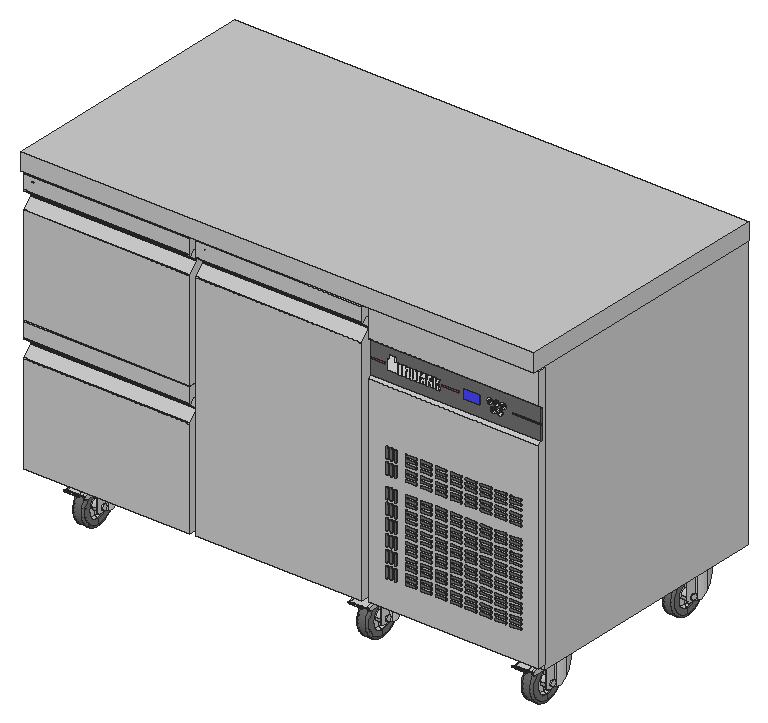
Revit family "QF_INOMAK_PNRP99_250612075801", category Specialty Equipment, Revit 2021
Family settings
  Round Connector Dimension = Use Diameter
  Part Type = Normal
  OmniClass Number = 23.40.40.14
  OmniClass Title = Food Service Equipment
  Work Plane-Based = No
  Always vertical = Yes
  Cut with Voids When Loaded = No
  Shared = No
  Room Calculation Point = No
Parameters (values of type "PNRP99")
  Weight [instance] = 108.00 kg
  Warranty Start Date [instance] = ""
  Warranty Duration [instance] = ""
  Volts [instance] = 230 V
  Volt Free Conn [instance] = no
  URL Recommended Spares List [instance] = ""
  URL Manufacturer [instance] = ""
  URL Cutsheet [instance] = ""
  URL Critical Spares List [instance] = ""
  URL = "www.inomak.com"
  Technical Documentation [instance] = ""
  Tag Number [instance] = ""
  Status [instance] = ""
  Start Up Current [instance] = 0 A
  Specification by User [instance] = ""
  Specification by Manufacturer [instance] = ""
  Sound Level [instance] = ""
  Show Logo [instance] = yes
  Show Clearances [instance] = yes
  Service Life Duration [instance] = ""
  Serial Number [instance] = ""
  Seismic Rating [instance] = ""
  SMACNA No [instance] = ""
  Revision Code [instance] = ""
  Revision [instance] = ""
  Production Year [instance] = ""
  Potential Equalisation [instance] = no
  Point Load [instance] = 0
  Phase [instance] = 1
  Other Equipment Approvals [instance] = ""
  Operational Current [instance] = 0 A
  Number of Poles [instance] = 2
  No Load Power Draw [instance] = no
  NAFEM Spec ID Number [instance] = ""
  Model Warning [instance] = ""
  Model = "PNRP99"
  Min Ckt Ampacity [instance] = 0 A
  Max Overcurrent Protection [instance] = 10 A
  Masterspec [instance] = ""
  Manufacturer = "INOMAK"
  Main switch integrated [instance] = no
  Length Actual [instance] = 1342 mm
  Item Number [instance] = ""
  Installed By [instance] = ""
  Installation Date [instance] = ""
  Identify Quantity as Lot [instance] = no
  ID [instance] = ""
  Hygiene Approval [instance] = ""
  Height Actual [instance] = 900 mm
  HP power [instance] = ""
  Furnished By [instance] = ""
  Foodservice Equipment Identifier [instance] = no
  FL Amps [instance] = 1.49 A
  Electrical Remarks [instance] = ""
  Electric power [instance] = 340 W
  Electric Connection Type [instance] = ""
  Elec Conn RI Height [instance] = 0 mm
  Elec Conn Connection Height [instance] = 0 mm
  ETL Approved [instance] = no
  Description = "PINE REFRIGERATED COUNTER WITH 2 GN 1/1 DOORS"
  Depth Actual [instance] = 700 mm
  Default Elevation = 0 mm
  Cycle [instance] = 50 Hz
  Cost = 0
  Connection to energy optimisation system [instance] = yes
  Conn Plug [instance] = ""
  Conn Conduit [instance] = no
  Centralized building control system with digital interface [instance] = ""
  CSI MasterFormat [instance] = ""
  CE Approved [instance] = no
  Barcode [instance] = 0
  Author [instance] = ""
  Asset Identifier [instance] = ""
  Apparent Power [instance] = 340 VA
  Accessory [instance] = no
Reference planes
  plane 1 "Center (Front/Back)": y = 0
  plane 2: z = 0
  plane 3 "Center (Left/Right)": x = 0
Forms (mm)
  Extrusion 1, solid, not visible
    sketch origin (940.046, -100.005, 132.006) x (1, 0, 0) y (0, 1, 0)
      loop
        line (-2, 2) -> (-2, -2) -> (2, -2) -> (2, 2) -> (-2, 2)
    from -2 to 2
Dimensions and locks
  locked: nested 2 to Extrusion 1 at 2  (x2)
  aligned and locked: level to plane 2
Nested families
  nested 1: "QF_INOMAK_REF_COUNTERS_1345_2920" at (0, 0, 130), type "PNRP99"
    with Weight 108.00 kg, Warranty Start Date "", Warranty Duration "", URL Cutsheet "", Technical Documentation "", Tag Number "", Status "", Specification by User "", Specification by Manufacturer "", Sound Level "", Solid Fuel Type "", Show Clearances yes, Show Clearance yes, Service Life Duration "", Serial Number "", Seismic Rating "", SMACNA No "", Revision Code "", Revision "", Production Year "", Point Load 0, Other Equipment Approvals "", NAFEM Spec ID Number "", Model Warning "", Masterspec "", Length Actual 1342 mm, Item Number "", Installed By "", Installation Date "", Identify Quantity as Lot yes, ID "", Hygiene Approval "", Height Actual 900 mm, Furnished By "", Foodservice Equipment Identifier yes, Finish none, ETL Approved yes, Depth Actual 700 mm, CSI MasterFormat "", CE Approved yes, Barcode "", Author "", Asset Identifier "", Accessory no
  nested 2: "CONN_POINT_ELE_2D___Generic_Annotation" at (940.046, -100.005, 130.006), type "CONN_POINT_ELE_2D___Generic_Annotation"
    with Onboard connection annotation symbol visibility yes
  nested 3: "QF_INOMAK_REF_COUNTERS_DOORS_DRAWERS_6956" at (0, -700, 130), type "DW-2-710"
    with Weight 0.00 kg, Warranty Start Date "", Warranty Duration "", URL Cutsheet "", Top inset 10 mm, Technical Documentation "", Tag Number "", Status "", Specification by User "", Specification by Manufacturer "", Sound Level "", Solid Fuel Type "", Show Logo yes, Show Clearances yes, Service Life Duration "", Serial Number "", Seismic Rating "", SMACNA No "", Right panel thickness 0 mm, Revision Code "", Revision "", Rear inset 0 mm, Production Year "", Point Load 0, Plinth height 0 mm, Other Equipment Approvals "", NAFEM Spec ID Number "", Model Warning "", Masterspec "", Length Actual 435 mm, Left panel thickness 0 mm, Item Number "", Installed By "", Installation Date "", Identify Quantity as Lot yes, ID "", Hygiene Approval "", Height Actual 710 mm, Furnished By "", Front inset 10 mm, Foodservice Equipment Identifier yes, Finish none, ETL Approved yes, Doors drawers type 4, Depth Actual 80 mm, CSI MasterFormat "", CE Approved yes, Bottom inset 10 mm, Barcode "", Author "", Asset Identifier "", Accessory yes
  nested 4: "QF_INOMAK_REF_COUNTERS_DOORS_DRAWERS_16448" at (450, -700, 130), type "DR-RX-710"
    with Weight 0.00 kg, Warranty Start Date "", Warranty Duration "", URL Cutsheet "", Top inset 10 mm, Technical Documentation "", Tag Number "", Status "", Specification by User "", Specification by Manufacturer "", Sound Level "", Solid Fuel Type "", Show Logo yes, Show Clearances yes, Service Life Duration "", Serial Number "", Seismic Rating "", SMACNA No "", Right panel thickness 0 mm, Revision Code "", Revision "", Rear inset 0 mm, Production Year "", Point Load 0, Plinth height 0 mm, Other Equipment Approvals "", NAFEM Spec ID Number "", Model Warning "", Masterspec "", Length Actual 435 mm, Left panel thickness 0 mm, Item Number "", Installed By "", Installation Date "", Identify Quantity as Lot yes, ID "", Hygiene Approval "", Height Actual 710 mm, Furnished By "", Front inset 10 mm, Foodservice Equipment Identifier yes, Finish none, ETL Approved yes, Doors drawers type 9, Depth Actual 80 mm, CSI MasterFormat "", CE Approved yes, Bottom inset 10 mm, Barcode "", Author "", Asset Identifier "", Accessory yes
  nested 5: "QF_INOMAK_REF_COUNTERS_WORKTOPS_25919" at (0, 0, 840), type "WTWT-1345-700"
    with Worktop without backsplash yes, Worktop with backsplash no, Worktop type 3, Worktop thickness 46 mm, Without worktop no, Weight 0.00 kg, Warranty Start Date "", Warranty Duration "", URL Cutsheet "", Technical Documentation "", Tag Number "", Status "", Specification by User "", Specification by Manufacturer "", Sound Level "", Solid Fuel Type "", Show Logo yes, Show Clearances yes, Service Life Duration "", Serial Number "", Seismic Rating "", SMACNA No "", Revision Code "", Revision "", Production Year "", Point Load 0, Other Equipment Approvals "", NAFEM Spec ID Number "", Model Warning "", Masterspec "", Length Actual 1342 mm, Item Number "", Installed By "", Installation Date "", Identify Quantity as Lot yes, ID "", Hygiene Approval "", Height Actual 46 mm, Height AFF 0 mm, Furnished By "", Foodservice Equipment Identifier yes, Finish none, ETL Approved yes, Depth Actual 700 mm, CSI MasterFormat "", CE Approved yes, Barcode "", Backsplash thickness 20 mm, Backsplash height 60 mm, Author "", Asset Identifier "", Accessory yes
  nested 6: "QF_INOMAK_REF_COUNTERS_CASTORS_27746" at (0, 0, 0), type "CT-1345-700"
    with Weight 0.00 kg, Warranty Start Date "", Warranty Duration "", URL Cutsheet "", Technical Documentation "", Tag Number "", Status "", Specification by User "", Specification by Manufacturer "", Sound Level "", Solid Fuel Type "", Show Logo yes, Show Clearances yes, Service Life Duration "", Serial Number "", Seismic Rating "", SMACNA No "", Revision Code "", Revision "", Production Year "", Point Load 0, Other Equipment Approvals "", NAFEM Spec ID Number "", Model Warning "", Masterspec "", Length Actual 1342 mm, Item Number "", Installed By "", Installation Date "", Identify Quantity as Lot yes, ID "", Hygiene Approval "", Height Actual 130 mm, Furnished By "", Foodservice Equipment Identifier yes, ETL Approved yes, Depth Actual 700 mm, CSI MasterFormat "", CE Approved yes, Barcode "", Author "", Asset Identifier "", Accessory yes
Connectors
  electrical at (940.046, -100.005, 130.006), driven by "Apparent Power", driven by "Number of Poles", driven by "Volts"
    settings: on Extrusion 1, index 1, voltage 230 V, apparent load 0 VA, apparent load phase1 340 VA, apparent load phase2 0 VA, apparent load phase3 0 VA, power factor 1, load classification "Other", number of poles 2, system type 31, power factor state 1, is connector primary yes, connector utility no, sub classification motor no, connector description "Electrical connection for PNRP99"
Definition of nested family "QF_INOMAK_REF_COUNTERS_1345_2920"
  Parameters (values of type "PNRP99")
    Weight [instance] = 0.00 kg
    Warranty Start Date [instance] = ""
    Warranty Duration [instance] = ""
    URL Cutsheet [instance] = ""
    URL = "www.inomak.com"
    Technical Documentation [instance] = ""
    Tag Number [instance] = ""
    Status [instance] = ""
    Specification by User [instance] = ""
    Specification by Manufacturer [instance] = ""
    Sound Level [instance] = ""
    Solid Fuel Type [instance] = ""
    Show Logo = yes
    Show Clearances [instance] = yes
    Show Clearance [instance] = yes
    Service Life Duration [instance] = ""
    Serial Number [instance] = ""
    Seismic Rating [instance] = ""
    SMACNA No [instance] = ""
    Revision Code [instance] = ""
    Revision [instance] = ""
    Production Year [instance] = ""
    Point Load [instance] = 0
    Other Equipment Approvals [instance] = ""
    NAFEM Spec ID Number [instance] = ""
    Model Warning [instance] = ""
    Model = "PNRP99"
    Masterspec [instance] = ""
    Manufacturer = "INOMAK"
    Length Actual [instance] = 0 mm
    Length = 1342 mm
    Item Number [instance] = ""
    Installed By [instance] = ""
    Installation Date [instance] = ""
    Identify Quantity as Lot [instance] = yes
    ID [instance] = ""
    Hygiene Approval [instance] = ""
    Height Actual [instance] = 0 mm
    Height = 710 mm
    Furnished By [instance] = ""
    Foodservice Equipment Identifier [instance] = yes
    Finish [instance] = none
    ETL Approved [instance] = yes
    Description = "PINE REFRIGERATED COUNTER WITH 2 GN 1/1 DOORS"
    Depth Actual [instance] = 0 mm
    Depth = 700 mm
    Default Elevation = 0 mm
    CSI MasterFormat [instance] = ""
    CE Approved [instance] = yes
    Barcode [instance] = ""
    Author [instance] = ""
    Asset Identifier [instance] = ""
    Assembly Code = "E1090320"
    Accessory [instance] = yes
  Types (2, lengths in mm): name | Model | Description | Depth
    PNRP99 | "PNRP99" | "PINE REFRIGERATED COUNTER WITH 2 GN 1/1 DOORS" | 700
    PMRP99 | "PMRP99" | "CLOVER CHILLER COUNTER WITH 2 DOORS, COMPACT DIMENSIONS" | 600
  Reference planes
    plane 1 "Back": y = 0
    plane 2: z = 0
    plane 3 "Left": x = 0
    plane 4 "Right": x = 1342
    plane 5 "Front": y = -700
    plane 6 "Top": z = 710
  Forms (mm)
    Extrusion 1, solid, material <- "Finish"
      sketch origin (0, 0, 0) x (1, 0, 0) y (0, 1, 0)
        loop
          line (0, -648) -> (30, -648) -> (30, -30) -> (867, -30) -> (867, -648) -> (897, -648) -> (897, -665) -> (1342, -665) -> (1342, 0) -> (0, 0) -> (0, -648)
      from 0 to 710
    Extrusion 2, solid, material <- "Finish"
      sketch origin (0, 0, 0) x (1, 0, 0) y (0, 1, 0)
        loop
          line (30, -30) -> (30, -648) -> (867, -648) -> (867, -30) -> (30, -30)
      from 0 to 45
    Extrusion 3, solid, material <- "Finish"
      sketch origin (0, 0, 710) x (0, 1, 0) y (-1, 0, 0)
        loop
          line (-30, -30) -> (-648, -30) -> (-648, -867) -> (-30, -867) -> (-30, -30)
      from 0 to -30
    Extrusion 4, solid, material <- "Finish"
      sketch origin (1342, 0, 0) x (0, -1, 0) y (0, 0, 1)
        loop
          line (683.05, 705) -> (665, 705) -> (665, 10) -> (683.05, 10) -> (683.05, 532.058) -> (676.05, 539.058) -> (676.05, 618.864) -> (683.05, 625.864) -> (683.05, 705)
      from 0 to 445
    Extrusion 5, solid
      sketch origin (0, -700, 0) x (-1, 0, 0) y (0, 0, 1)
        loop
          circle (-1208.654, 586.73) r 6.965
        loop
          circle (-1225.685, 586.73) r 6.965
        loop
          circle (-1242.694, 586.73) r 6.965
        loop
          circle (-1217.18, 568.729) r 6.965
        loop
          circle (-1234.189, 568.729) r 6.965
        loop
          circle (-1208.654, 586.73) r 3.965
        loop
          circle (-1225.685, 586.73) r 3.965
        loop
          circle (-1242.694, 586.73) r 3.965
        loop
          circle (-1217.18, 568.729) r 3.965
        loop
          circle (-1234.189, 568.729) r 3.965
      from 23 to 25.5
    Extrusion 6, solid
      sketch origin (0, -700, 0) x (-1, 0, 0) y (0, 0, 1)
        loop
          line (-1180.865, 590.461) -> (-1180.865, 567.461) -> (-1140.865, 567.461) -> (-1140.865, 590.461) -> (-1180.865, 590.461)
      from 23 to 25.5
    Extrusion 7, solid
      sketch origin (0, -700, 0) x (-1, 0, 0) y (0, 0, 1)
        loop
          line (-897, 618.864) -> (-1342, 618.864) -> (-1342, 539.058) -> (-897, 539.058) -> (-897, 618.864)
      from 23.5 to 25.5
    Extrusion 8, solid, visible <- "Show Logo"
      sketch origin (0, -700, 0) x (-1, 0, 0) y (0, 0, 1)
        loop
          line (-941.061, 591.01) -> (-947.061, 591.01) -> (-947.061, 602.118) -> (-961.298, 602.118) -> (-961.298, 591.01) -> (-967.298, 591.01) -> (-967.298, 564.76) -> (-941.061, 564.76) -> (-941.061, 591.01)
        loop
          line (-971.613, 590.698) -> (-978.903, 590.698) -> (-978.903, 564.76) -> (-971.613, 564.76) -> (-971.613, 590.698)
        loop
          line (-981.422, 564.76) -> (-981.422, 590.698) -> (-988.256, 590.698) -> (-991.449, 578.78) -> (-991.449, 590.698) -> (-997.982, 590.698) -> (-997.982, 564.76) -> (-991.449, 564.76) -> (-987.735, 578.623) -> (-987.735, 564.76) -> (-981.422, 564.76)
        loop
          line (-1018.664, 564.76) -> (-1018.664, 590.698) -> (-1027.626, 590.698) -> (-1029.988, 576.688) -> (-1032.35, 590.698) -> (-1041.312, 590.698) -> (-1041.312, 564.76) -> (-1034.687, 564.76) -> (-1034.687, 578.623) -> (-1032.35, 564.76) -> (-1027.626, 564.76) -> (-1025.289, 578.623) -> (-1025.289, 564.76) -> (-1018.664, 564.76)
        loop
          line (-1003.851, 590.698) -> (-1013.176, 590.698)
          arc (-1013.176, 590.698) -> (-1015.773, 589.622) -> (-1016.849, 587.026) r 3.672
          line (-1016.849, 587.026) -> (-1016.849, 568.433)
          arc (-1016.849, 568.433) -> (-1015.773, 565.836) -> (-1013.176, 564.76) r 3.672
          line (-1013.176, 564.76) -> (-1003.851, 564.76)
          arc (-1003.851, 564.76) -> (-1001.255, 565.836) -> (-1000.179, 568.433) r 3.672
          line (-1000.179, 568.433) -> (-1000.179, 587.026)
          arc (-1000.179, 587.026) -> (-1001.255, 589.622) -> (-1003.851, 590.698) r 3.672
        loop
          arc (-1007.487, 587.542) -> (-1008.514, 588.569) -> (-1009.541, 587.542) r 1.027
          line (-1009.541, 587.542) -> (-1009.541, 568.949)
          arc (-1009.541, 568.949) -> (-1008.514, 567.922) -> (-1007.487, 568.949) r 1.027
          line (-1007.487, 568.949) -> (-1007.487, 587.542)
        loop
          line (-1042.382, 564.76) -> (-1046.755, 590.698) -> (-1055.615, 590.698) -> (-1059.988, 564.76) -> (-1053.461, 564.76) -> (-1052.852, 569.723) -> (-1049.518, 569.723) -> (-1048.909, 564.76) -> (-1042.382, 564.76)
        loop
          line (-1050.074, 574.252) -> (-1051.185, 583.299) -> (-1052.296, 574.252) -> (-1050.074, 574.252)
        loop
          line (-1060.954, 564.76) -> (-1060.954, 590.698) -> (-1067.579, 590.698) -> (-1067.579, 581.585) -> (-1070.365, 590.698) -> (-1077.803, 590.698) -> (-1073.474, 579.422) -> (-1078.522, 564.76) -> (-1070.939, 564.76) -> (-1067.579, 577.3) -> (-1067.579, 564.76) -> (-1060.954, 564.76)
      from 23 to 25.5
    Extrusion 9, solid
      sketch origin (0, -700, 0) x (-1, 0, 0) y (0, 0, 1)
        loop
          line (-897, 580.961) -> (-933.995, 580.961) -> (-933.995, 576.961) -> (-897, 576.961) -> (-897, 580.961)
        loop
          line (-1082, 580.961) -> (-1126.365, 580.961) -> (-1126.365, 576.961) -> (-1082, 576.961) -> (-1082, 580.961)
        loop
          line (-1342, 580.961) -> (-1342, 576.961) -> (-1268.755, 576.961) -> (-1268.755, 580.961) -> (-1342, 580.961)
      from 23 to 25.5
  Cuts and joins
    joined: Extrusion 1, Extrusion 2, Extrusion 3
  Lines and regions (mm)
    symbolic lines, visible <- "Show Clearance"
      curve 1: line (0, 0, 0) -> (1342, 0, 0)
      curve 2: line (1342, 0, 0) -> (1342, -700, 0)
      curve 3: line (1342, -700, 0) -> (0, -700, 0)
      curve 4: line (0, -700, 0) -> (0, 0, 0)
  Dimensions and locks
    "Length": plane 3 "Left" to plane 4 "Right"
    "Depth": plane 5 "Front" to plane 1 "Back"
    "Height": plane 6 "Top" to plane 2
    aligned and locked: level to plane 2
    aligned and locked: plane 6 "Top" to Extrusion 1
    aligned and locked: nested 1 to plane 4 "Right"
    aligned and locked: plane 5 "Front" to nested 1
    aligned and locked: plane 5 "Front" to curve 3
  Automatic sketch dimensions
    plane 3 "Left" to Extrusion 2 sketch curve = 30 mm
    plane 4 "Right" to Extrusion 2 sketch curve = 475 mm
    plane 1 "Back" to Extrusion 2 sketch curve = 30 mm
    plane 1 "Back" to Extrusion 3 sketch curve = 30 mm
    plane 4 "Right" to Extrusion 3 sketch curve = 475 mm
    plane 3 "Left" to Extrusion 3 sketch curve = 30 mm
    Extrusion 1 sketch curve to plane 3 "Left" = 0 mm
    plane 1 "Back" to Extrusion 1 sketch curve = 0 mm
    Extrusion 1 sketch curve to plane 4 "Right" = 0 mm
    plane 3 "Left" to Extrusion 1 sketch curve = 30 mm
    plane 1 "Back" to Extrusion 1 sketch curve = 30 mm
    plane 4 "Right" to Extrusion 1 sketch curve = 475 mm
    Extrusion 1 sketch curve to Extrusion 1 sketch curve = 30 mm
    plane 5 "Front" to Extrusion 1 sketch curve = 35 mm
    plane 5 "Front" to Extrusion 1 sketch curve = 52 mm
    Extrusion 1 sketch curve to Extrusion 1 sketch curve = 17 mm
    plane 5 "Front" to Extrusion 2 sketch curve = 52 mm
    plane 5 "Front" to Extrusion 3 sketch curve = 52 mm
    Extrusion 4 sketch curve to plane 6 "Top" = 5 mm
    plane 5 "Front" to Extrusion 4 sketch curve = 35 mm
    plane 5 "Front" to Extrusion 4 sketch curve = 23.95 mm
    Extrusion 4 sketch curve to Extrusion 4 sketch curve = 7 mm  (x4)
    Extrusion 4 sketch curve to Extrusion 4 sketch curve = 79.136 mm
    Extrusion 4 sketch curve to Extrusion 4 sketch curve = 79.807 mm
    level to Extrusion 4 sketch curve = 10 mm
    Extrusion 5 sketch curve to Extrusion 5 sketch curve = 0 mm  (x13)
    plane 4 "Right" to Extrusion 5 sketch curve = 99.306 mm
    Extrusion 5 sketch curve to Extrusion 5 sketch curve = 8.505 mm
    Extrusion 5 sketch curve to Extrusion 5 sketch curve = 17.009 mm  (x2)
    Extrusion 5 sketch curve to Extrusion 5 sketch curve = 17.03 mm
    Extrusion 5 sketch curve to plane 6 "Top" = 141.271 mm
    Extrusion 5 sketch curve to Extrusion 5 sketch curve = 18.001 mm
    plane 4 "Right" to Extrusion 6 sketch curve = 161.135 mm
    Extrusion 6 sketch curve to Extrusion 6 sketch curve = 40 mm
    Extrusion 6 sketch curve to plane 6 "Top" = 142.539 mm
    Extrusion 6 sketch curve to Extrusion 6 sketch curve = 23 mm
    plane 4 "Right" to Extrusion 7 sketch curve = 0 mm
    Extrusion 7 sketch curve to plane 6 "Top" = 170.942 mm
    plane 4 "Right" to Extrusion 7 sketch curve = 445 mm
    Extrusion 7 sketch curve to Extrusion 7 sketch curve = 79.807 mm
    plane 4 "Right" to Extrusion 8 sketch curve = 263.478 mm
    Extrusion 8 sketch curve to Extrusion 8 sketch curve = 0.72 mm
    Extrusion 8 sketch curve to plane 6 "Top" = 130.578 mm
    Extrusion 8 sketch curve to Extrusion 8 sketch curve = 4.329 mm
    Extrusion 8 sketch curve to Extrusion 8 sketch curve = 7.584 mm
    Extrusion 8 sketch curve to plane 6 "Top" = 119.302 mm  (x2)
    Extrusion 8 sketch curve to Extrusion 8 sketch curve = 7.438 mm
    Extrusion 8 sketch curve to plane 6 "Top" = 132.7 mm
    Extrusion 8 sketch curve to Extrusion 8 sketch curve = 5.895 mm
    Extrusion 8 sketch curve to plane 6 "Top" = 128.415 mm
    Extrusion 8 sketch curve to Extrusion 8 sketch curve = 0 mm  (x11)
    Extrusion 8 sketch curve to Extrusion 8 sketch curve = 6.625 mm  (x2)
    Extrusion 8 sketch curve to Extrusion 8 sketch curve = 0.965 mm
    Extrusion 8 sketch curve to Extrusion 8 sketch curve = 5.338 mm
    Extrusion 8 sketch curve to Extrusion 8 sketch curve = 6.527 mm  (x2)
    Extrusion 8 sketch curve to plane 6 "Top" = 140.277 mm
    Extrusion 8 sketch curve to Extrusion 8 sketch curve = 0.609 mm
    Extrusion 8 sketch curve to plane 6 "Top" = 135.748 mm
    Extrusion 8 sketch curve to Extrusion 8 sketch curve = 0.556 mm
    Extrusion 8 sketch curve to plane 6 "Top" = 126.701 mm
    Extrusion 8 sketch curve to Extrusion 8 sketch curve = 4.43 mm  (x2)
    Extrusion 8 sketch curve to Extrusion 8 sketch curve = 2.222 mm
    Extrusion 8 sketch curve to Extrusion 8 sketch curve = 3.334 mm
    Extrusion 8 sketch curve to Extrusion 8 sketch curve = 4.552 mm
    Extrusion 8 sketch curve to plane 6 "Top" = 145.24 mm  (x2)
    Extrusion 8 sketch curve to Extrusion 8 sketch curve = 1.069 mm
    Extrusion 8 sketch curve to plane 6 "Top" = 131.377 mm  (x2)
    Extrusion 8 sketch curve to Extrusion 8 sketch curve = 8.962 mm  (x2)
    Extrusion 8 sketch curve to Extrusion 8 sketch curve = 2.337 mm
    Extrusion 8 sketch curve to plane 6 "Top" = 133.312 mm
    Extrusion 8 sketch curve to Extrusion 8 sketch curve = 4.699 mm  (x2)
    Extrusion 8 sketch curve to Extrusion 8 sketch curve = 4.724 mm  (x2)
    Extrusion 8 sketch curve to Extrusion 8 sketch curve = 1.815 mm
    Extrusion 8 sketch curve to Extrusion 8 sketch curve = 3.672 mm  (x8)
    Extrusion 8 sketch curve to Extrusion 8 sketch curve = 3.636 mm  (x3)
    Extrusion 8 sketch curve to Extrusion 8 sketch curve = 1.027 mm
    Extrusion 8 sketch curve to Extrusion 8 sketch curve = 2.197 mm
    Extrusion 8 sketch curve to Extrusion 8 sketch curve = 6.532 mm  (x2)
    Extrusion 8 sketch curve to Extrusion 8 sketch curve = 3.194 mm
    Extrusion 8 sketch curve to Extrusion 8 sketch curve = 3.714 mm
    Extrusion 8 sketch curve to Extrusion 8 sketch curve = 6.312 mm
    Extrusion 8 sketch curve to Extrusion 8 sketch curve = 2.52 mm
    Extrusion 8 sketch curve to Extrusion 8 sketch curve = 7.29 mm
    Extrusion 8 sketch curve to Extrusion 8 sketch curve = 4.315 mm
    Extrusion 8 sketch curve to Extrusion 8 sketch curve = 6 mm
    Extrusion 8 sketch curve to Extrusion 8 sketch curve = 14.237 mm
    Extrusion 8 sketch curve to Extrusion 8 sketch curve = 26.237 mm
    Extrusion 8 sketch curve to Extrusion 8 sketch curve = 14.661 mm
    Extrusion 8 sketch curve to Extrusion 8 sketch curve = 4.963 mm
    Extrusion 8 sketch curve to Extrusion 8 sketch curve = 0.516 mm  (x2)
    Extrusion 8 sketch curve to Extrusion 8 sketch curve = 13.862 mm
    Extrusion 8 sketch curve to Extrusion 8 sketch curve = 0.157 mm
    Extrusion 8 sketch curve to Extrusion 8 sketch curve = 26.25 mm
    Extrusion 8 sketch curve to Extrusion 8 sketch curve = 0.312 mm
    Extrusion 8 sketch curve to Extrusion 8 sketch curve = 11.107 mm
    plane 4 "Right" to Extrusion 9 sketch curve = 0 mm
    plane 4 "Right" to Extrusion 9 sketch curve = 73.245 mm
    Extrusion 9 sketch curve to Extrusion 9 sketch curve = 142.39 mm
    Extrusion 9 sketch curve to Extrusion 9 sketch curve = 44.365 mm
    Extrusion 9 sketch curve to Extrusion 9 sketch curve = 148.005 mm
    Extrusion 9 sketch curve to Extrusion 9 sketch curve = 36.995 mm
    Extrusion 9 sketch curve to plane 6 "Top" = 133.039 mm  (x3)
    Extrusion 9 sketch curve to Extrusion 9 sketch curve = 4 mm  (x3)
    plane 1 "Back" to curve 1 = 0 mm
    curve 1 to plane 3 "Left" = 0 mm
    curve 2 to plane 4 "Right" = 0 mm
    radius of Extrusion 5 sketch curve = 6.965 mm  (x5)
    radius of Extrusion 5 sketch curve = 3.965 mm  (x5)
  Nested families
    nested 1: "QF_INOMAK_CONRTOL-PANEL" at (1342, 0, 0), type "PNRP9999"
      with Show Clearance yes
  Definition of nested family "QF_INOMAK_CONRTOL-PANEL"
    Parameters (values of type "PNRP9999")
      URL = ""
      Show Logo = yes
      Show Clearance [instance] = yes
      Model = ""
      Manufacturer = ""
      Length = 0 mm
      Height = 710 mm
      Front offset = 80 mm
      Description = ""
      Depth = 700 mm
      Default Elevation = 0 mm
      Assembly Code = ""
    Reference planes
      plane 1 "Back": y = 0
      plane 2: z = 0
      plane 3 "Left": x = 0
      plane 4 "Right": x = 0
      plane 5 "Front": y = -700
      plane 6 "Top": z = 710
      plane 7 "Front offset": y = -620
    Forms (mm)
      Extrusion 1, solid
        sketch origin (-2240, -700, 0) x (-1, 0, 0) y (0, 0, 1)
          loop
            arc (-2191.4, 389.855) -> (-2194.4, 386.855) -> (-2191.4, 383.855) r 3
            line (-2191.4, 383.855) -> (-2167.4, 383.855)
            arc (-2167.4, 383.855) -> (-2164.4, 386.855) -> (-2167.4, 389.855) r 3
            line (-2167.4, 389.855) -> (-2191.4, 389.855)
          loop
            arc (-2152.4, 389.855) -> (-2155.4, 386.855) -> (-2152.4, 383.855) r 3
            line (-2152.4, 383.855) -> (-2128.4, 383.855)
            arc (-2128.4, 383.855) -> (-2125.4, 386.855) -> (-2128.4, 389.855) r 3
            line (-2128.4, 389.855) -> (-2152.4, 389.855)
          loop
            arc (-2113.4, 389.855) -> (-2116.4, 386.855) -> (-2113.4, 383.855) r 3
            line (-2113.4, 383.855) -> (-2089.4, 383.855)
            arc (-2089.4, 383.855) -> (-2086.4, 386.855) -> (-2089.4, 389.855) r 3
            line (-2089.4, 389.855) -> (-2113.4, 389.855)
          loop
            arc (-2074.4, 389.855) -> (-2077.4, 386.855) -> (-2074.4, 383.855) r 3
            line (-2074.4, 383.855) -> (-2050.4, 383.855)
            arc (-2050.4, 383.855) -> (-2047.4, 386.855) -> (-2050.4, 389.855) r 3
            line (-2050.4, 389.855) -> (-2074.4, 389.855)
          loop
            arc (-2035.4, 389.855) -> (-2038.4, 386.855) -> (-2035.4, 383.855) r 3
            line (-2035.4, 383.855) -> (-2011.4, 383.855)
            arc (-2011.4, 383.855) -> (-2008.4, 386.855) -> (-2011.4, 389.855) r 3
            line (-2011.4, 389.855) -> (-2035.4, 389.855)
          loop
            arc (-1996.4, 389.855) -> (-1999.4, 386.855) -> (-1996.4, 383.855) r 3
            line (-1996.4, 383.855) -> (-1972.4, 383.855)
            arc (-1972.4, 383.855) -> (-1969.4, 386.855) -> (-1972.4, 389.855) r 3
            line (-1972.4, 389.855) -> (-1996.4, 389.855)
          loop
            arc (-1957.4, 389.855) -> (-1960.4, 386.855) -> (-1957.4, 383.855) r 3
            line (-1957.4, 383.855) -> (-1933.4, 383.855)
            arc (-1933.4, 383.855) -> (-1930.4, 386.855) -> (-1933.4, 389.855) r 3
            line (-1933.4, 389.855) -> (-1957.4, 389.855)
          loop
            arc (-1918.4, 389.855) -> (-1921.4, 386.855) -> (-1918.4, 383.855) r 3
            line (-1918.4, 383.855) -> (-1894.4, 383.855)
            arc (-1894.4, 383.855) -> (-1891.4, 386.855) -> (-1894.4, 389.855) r 3
            line (-1894.4, 389.855) -> (-1918.4, 389.855)
          loop
            arc (-2191.4, 378.855) -> (-2194.4, 375.855) -> (-2191.4, 372.855) r 3
            line (-2191.4, 372.855) -> (-2167.4, 372.855)
            arc (-2167.4, 372.855) -> (-2164.4, 375.855) -> (-2167.4, 378.855) r 3
            line (-2167.4, 378.855) -> (-2191.4, 378.855)
          loop
            arc (-2152.4, 378.855) -> (-2155.4, 375.855) -> (-2152.4, 372.855) r 3
            line (-2152.4, 372.855) -> (-2128.4, 372.855)
            arc (-2128.4, 372.855) -> (-2125.4, 375.855) -> (-2128.4, 378.855) r 3
            line (-2128.4, 378.855) -> (-2152.4, 378.855)
          loop
            arc (-2113.4, 378.855) -> (-2116.4, 375.855) -> (-2113.4, 372.855) r 3
            line (-2113.4, 372.855) -> (-2089.4, 372.855)
            arc (-2089.4, 372.855) -> (-2086.4, 375.855) -> (-2089.4, 378.855) r 3
            line (-2089.4, 378.855) -> (-2113.4, 378.855)
          loop
            arc (-2074.4, 378.855) -> (-2077.4, 375.855) -> (-2074.4, 372.855) r 3
            line (-2074.4, 372.855) -> (-2050.4, 372.855)
            arc (-2050.4, 372.855) -> (-2047.4, 375.855) -> (-2050.4, 378.855) r 3
            line (-2050.4, 378.855) -> (-2074.4, 378.855)
          loop
            arc (-2035.4, 378.855) -> (-2038.4, 375.855) -> (-2035.4, 372.855) r 3
            line (-2035.4, 372.855) -> (-2011.4, 372.855)
            arc (-2011.4, 372.855) -> (-2008.4, 375.855) -> (-2011.4, 378.855) r 3
            line (-2011.4, 378.855) -> (-2035.4, 378.855)
          loop
            arc (-1996.4, 378.855) -> (-1999.4, 375.855) -> (-1996.4, 372.855) r 3
            line (-1996.4, 372.855) -> (-1972.4, 372.855)
            arc (-1972.4, 372.855) -> (-1969.4, 375.855) -> (-1972.4, 378.855) r 3
            line (-1972.4, 378.855) -> (-1996.4, 378.855)
          loop
            arc (-1957.4, 378.855) -> (-1960.4, 375.855) -> (-1957.4, 372.855) r 3
            line (-1957.4, 372.855) -> (-1933.4, 372.855)
            arc (-1933.4, 372.855) -> (-1930.4, 375.855) -> (-1933.4, 378.855) r 3
            line (-1933.4, 378.855) -> (-1957.4, 378.855)
          loop
            arc (-1918.4, 378.855) -> (-1921.4, 375.855) -> (-1918.4, 372.855) r 3
            line (-1918.4, 372.855) -> (-1894.4, 372.855)
            arc (-1894.4, 372.855) -> (-1891.4, 375.855) -> (-1894.4, 378.855) r 3
            line (-1894.4, 378.855) -> (-1918.4, 378.855)
          loop
            arc (-2191.4, 367.855) -> (-2194.4, 364.855) -> (-2191.4, 361.855) r 3
            line (-2191.4, 361.855) -> (-2167.4, 361.855)
            arc (-2167.4, 361.855) -> (-2164.4, 364.855) -> (-2167.4, 367.855) r 3
            line (-2167.4, 367.855) -> (-2191.4, 367.855)
          loop
            arc (-2152.4, 367.855) -> (-2155.4, 364.855) -> (-2152.4, 361.855) r 3
            line (-2152.4, 361.855) -> (-2128.4, 361.855)
            arc (-2128.4, 361.855) -> (-2125.4, 364.855) -> (-2128.4, 367.855) r 3
            line (-2128.4, 367.855) -> (-2152.4, 367.855)
          loop
            arc (-2113.4, 367.855) -> (-2116.4, 364.855) -> (-2113.4, 361.855) r 3
            line (-2113.4, 361.855) -> (-2089.4, 361.855)
            arc (-2089.4, 361.855) -> (-2086.4, 364.855) -> (-2089.4, 367.855) r 3
            line (-2089.4, 367.855) -> (-2113.4, 367.855)
          loop
            arc (-2074.4, 367.855) -> (-2077.4, 364.855) -> (-2074.4, 361.855) r 3
            line (-2074.4, 361.855) -> (-2050.4, 361.855)
            arc (-2050.4, 361.855) -> (-2047.4, 364.855) -> (-2050.4, 367.855) r 3
            line (-2050.4, 367.855) -> (-2074.4, 367.855)
          loop
            arc (-2035.4, 367.855) -> (-2038.4, 364.855) -> (-2035.4, 361.855) r 3
            line (-2035.4, 361.855) -> (-2011.4, 361.855)
            arc (-2011.4, 361.855) -> (-2008.4, 364.855) -> (-2011.4, 367.855) r 3
            line (-2011.4, 367.855) -> (-2035.4, 367.855)
          loop
            arc (-1996.4, 367.855) -> (-1999.4, 364.855) -> (-1996.4, 361.855) r 3
            line (-1996.4, 361.855) -> (-1972.4, 361.855)
            arc (-1972.4, 361.855) -> (-1969.4, 364.855) -> (-1972.4, 367.855) r 3
            line (-1972.4, 367.855) -> (-1996.4, 367.855)
          loop
            arc (-1957.4, 367.855) -> (-1960.4, 364.855) -> (-1957.4, 361.855) r 3
            line (-1957.4, 361.855) -> (-1933.4, 361.855)
            arc (-1933.4, 361.855) -> (-1930.4, 364.855) -> (-1933.4, 367.855) r 3
            line (-1933.4, 367.855) -> (-1957.4, 367.855)
          loop
            arc (-1918.4, 367.855) -> (-1921.4, 364.855) -> (-1918.4, 361.855) r 3
            line (-1918.4, 361.855) -> (-1894.4, 361.855)
            arc (-1894.4, 361.855) -> (-1891.4, 364.855) -> (-1894.4, 367.855) r 3
            line (-1894.4, 367.855) -> (-1918.4, 367.855)
          loop
            arc (-2191.4, 352.855) -> (-2194.4, 349.855) -> (-2191.4, 346.855) r 3
            line (-2191.4, 346.855) -> (-2167.4, 346.855)
            arc (-2167.4, 346.855) -> (-2164.4, 349.855) -> (-2167.4, 352.855) r 3
            line (-2167.4, 352.855) -> (-2191.4, 352.855)
          loop
            arc (-2152.4, 352.855) -> (-2155.4, 349.855) -> (-2152.4, 346.855) r 3
            line (-2152.4, 346.855) -> (-2128.4, 346.855)
            arc (-2128.4, 346.855) -> (-2125.4, 349.855) -> (-2128.4, 352.855) r 3
            line (-2128.4, 352.855) -> (-2152.4, 352.855)
          loop
            arc (-2113.4, 352.855) -> (-2116.4, 349.855) -> (-2113.4, 346.855) r 3
            line (-2113.4, 346.855) -> (-2089.4, 346.855)
            arc (-2089.4, 346.855) -> (-2086.4, 349.855) -> (-2089.4, 352.855) r 3
            line (-2089.4, 352.855) -> (-2113.4, 352.855)
          loop
            arc (-2074.4, 352.855) -> (-2077.4, 349.855) -> (-2074.4, 346.855) r 3
            line (-2074.4, 346.855) -> (-2050.4, 346.855)
            arc (-2050.4, 346.855) -> (-2047.4, 349.855) -> (-2050.4, 352.855) r 3
            line (-2050.4, 352.855) -> (-2074.4, 352.855)
          loop
            arc (-2035.4, 352.855) -> (-2038.4, 349.855) -> (-2035.4, 346.855) r 3
            line (-2035.4, 346.855) -> (-2011.4, 346.855)
            arc (-2011.4, 346.855) -> (-2008.4, 349.855) -> (-2011.4, 352.855) r 3
            line (-2011.4, 352.855) -> (-2035.4, 352.855)
          loop
            arc (-1996.4, 352.855) -> (-1999.4, 349.855) -> (-1996.4, 346.855) r 3
            line (-1996.4, 346.855) -> (-1972.4, 346.855)
            arc (-1972.4, 346.855) -> (-1969.4, 349.855) -> (-1972.4, 352.855) r 3
            line (-1972.4, 352.855) -> (-1996.4, 352.855)
          loop
            arc (-1957.4, 352.855) -> (-1960.4, 349.855) -> (-1957.4, 346.855) r 3
            line (-1957.4, 346.855) -> (-1933.4, 346.855)
            arc (-1933.4, 346.855) -> (-1930.4, 349.855) -> (-1933.4, 352.855) r 3
            line (-1933.4, 352.855) -> (-1957.4, 352.855)
          loop
            arc (-1918.4, 352.855) -> (-1921.4, 349.855) -> (-1918.4, 346.855) r 3
            line (-1918.4, 346.855) -> (-1894.4, 346.855)
            arc (-1894.4, 346.855) -> (-1891.4, 349.855) -> (-1894.4, 352.855) r 3
            line (-1894.4, 352.855) -> (-1918.4, 352.855)
          loop
            arc (-2191.4, 341.855) -> (-2194.4, 338.855) -> (-2191.4, 335.855) r 3
            line (-2191.4, 335.855) -> (-2167.4, 335.855)
            arc (-2167.4, 335.855) -> (-2164.4, 338.855) -> (-2167.4, 341.855) r 3
            line (-2167.4, 341.855) -> (-2191.4, 341.855)
          loop
            arc (-2152.4, 341.855) -> (-2155.4, 338.855) -> (-2152.4, 335.855) r 3
            line (-2152.4, 335.855) -> (-2128.4, 335.855)
            arc (-2128.4, 335.855) -> (-2125.4, 338.855) -> (-2128.4, 341.855) r 3
            line (-2128.4, 341.855) -> (-2152.4, 341.855)
          loop
            arc (-2113.4, 341.855) -> (-2116.4, 338.855) -> (-2113.4, 335.855) r 3
            line (-2113.4, 335.855) -> (-2089.4, 335.855)
            arc (-2089.4, 335.855) -> (-2086.4, 338.855) -> (-2089.4, 341.855) r 3
            line (-2089.4, 341.855) -> (-2113.4, 341.855)
          loop
            arc (-2074.4, 341.855) -> (-2077.4, 338.855) -> (-2074.4, 335.855) r 3
            line (-2074.4, 335.855) -> (-2050.4, 335.855)
            arc (-2050.4, 335.855) -> (-2047.4, 338.855) -> (-2050.4, 341.855) r 3
            line (-2050.4, 341.855) -> (-2074.4, 341.855)
          loop
            arc (-2035.4, 341.855) -> (-2038.4, 338.855) -> (-2035.4, 335.855) r 3
            line (-2035.4, 335.855) -> (-2011.4, 335.855)
            arc (-2011.4, 335.855) -> (-2008.4, 338.855) -> (-2011.4, 341.855) r 3
            line (-2011.4, 341.855) -> (-2035.4, 341.855)
          loop
            arc (-1996.4, 341.855) -> (-1999.4, 338.855) -> (-1996.4, 335.855) r 3
            line (-1996.4, 335.855) -> (-1972.4, 335.855)
            arc (-1972.4, 335.855) -> (-1969.4, 338.855) -> (-1972.4, 341.855) r 3
            line (-1972.4, 341.855) -> (-1996.4, 341.855)
          loop
            arc (-1957.4, 341.855) -> (-1960.4, 338.855) -> (-1957.4, 335.855) r 3
            line (-1957.4, 335.855) -> (-1933.4, 335.855)
            arc (-1933.4, 335.855) -> (-1930.4, 338.855) -> (-1933.4, 341.855) r 3
            line (-1933.4, 341.855) -> (-1957.4, 341.855)
          loop
            arc (-1918.4, 341.855) -> (-1921.4, 338.855) -> (-1918.4, 335.855) r 3
            line (-1918.4, 335.855) -> (-1894.4, 335.855)
            arc (-1894.4, 335.855) -> (-1891.4, 338.855) -> (-1894.4, 341.855) r 3
            line (-1894.4, 341.855) -> (-1918.4, 341.855)
          loop
            arc (-2191.4, 330.855) -> (-2194.4, 327.855) -> (-2191.4, 324.855) r 3
            line (-2191.4, 324.855) -> (-2167.4, 324.855)
            arc (-2167.4, 324.855) -> (-2164.4, 327.855) -> (-2167.4, 330.855) r 3
            line (-2167.4, 330.855) -> (-2191.4, 330.855)
          loop
            arc (-2152.4, 330.855) -> (-2155.4, 327.855) -> (-2152.4, 324.855) r 3
            line (-2152.4, 324.855) -> (-2128.4, 324.855)
            arc (-2128.4, 324.855) -> (-2125.4, 327.855) -> (-2128.4, 330.855) r 3
            line (-2128.4, 330.855) -> (-2152.4, 330.855)
          loop
            arc (-2113.4, 330.855) -> (-2116.4, 327.855) -> (-2113.4, 324.855) r 3
            line (-2113.4, 324.855) -> (-2089.4, 324.855)
            arc (-2089.4, 324.855) -> (-2086.4, 327.855) -> (-2089.4, 330.855) r 3
            line (-2089.4, 330.855) -> (-2113.4, 330.855)
          loop
            arc (-2074.4, 330.855) -> (-2077.4, 327.855) -> (-2074.4, 324.855) r 3
            line (-2074.4, 324.855) -> (-2050.4, 324.855)
            arc (-2050.4, 324.855) -> (-2047.4, 327.855) -> (-2050.4, 330.855) r 3
            line (-2050.4, 330.855) -> (-2074.4, 330.855)
          loop
            arc (-2035.4, 330.855) -> (-2038.4, 327.855) -> (-2035.4, 324.855) r 3
            line (-2035.4, 324.855) -> (-2011.4, 324.855)
            arc (-2011.4, 324.855) -> (-2008.4, 327.855) -> (-2011.4, 330.855) r 3
            line (-2011.4, 330.855) -> (-2035.4, 330.855)
          loop
            arc (-1996.4, 330.855) -> (-1999.4, 327.855) -> (-1996.4, 324.855) r 3
            line (-1996.4, 324.855) -> (-1972.4, 324.855)
            arc (-1972.4, 324.855) -> (-1969.4, 327.855) -> (-1972.4, 330.855) r 3
            line (-1972.4, 330.855) -> (-1996.4, 330.855)
          loop
            arc (-1957.4, 330.855) -> (-1960.4, 327.855) -> (-1957.4, 324.855) r 3
            line (-1957.4, 324.855) -> (-1933.4, 324.855)
            arc (-1933.4, 324.855) -> (-1930.4, 327.855) -> (-1933.4, 330.855) r 3
            line (-1933.4, 330.855) -> (-1957.4, 330.855)
          loop
            arc (-1918.4, 330.855) -> (-1921.4, 327.855) -> (-1918.4, 324.855) r 3
            line (-1918.4, 324.855) -> (-1894.4, 324.855)
            arc (-1894.4, 324.855) -> (-1891.4, 327.855) -> (-1894.4, 330.855) r 3
            line (-1894.4, 330.855) -> (-1918.4, 330.855)
          loop
            arc (-2191.4, 295.855) -> (-2194.4, 292.855) -> (-2191.4, 289.855) r 3
            line (-2191.4, 289.855) -> (-2167.4, 289.855)
            arc (-2167.4, 289.855) -> (-2164.4, 292.855) -> (-2167.4, 295.855) r 3
            line (-2167.4, 295.855) -> (-2191.4, 295.855)
          loop
            arc (-2152.4, 295.855) -> (-2155.4, 292.855) -> (-2152.4, 289.855) r 3
            line (-2152.4, 289.855) -> (-2128.4, 289.855)
            arc (-2128.4, 289.855) -> (-2125.4, 292.855) -> (-2128.4, 295.855) r 3
            line (-2128.4, 295.855) -> (-2152.4, 295.855)
          loop
            arc (-2113.4, 295.855) -> (-2116.4, 292.855) -> (-2113.4, 289.855) r 3
            line (-2113.4, 289.855) -> (-2089.4, 289.855)
            arc (-2089.4, 289.855) -> (-2086.4, 292.855) -> (-2089.4, 295.855) r 3
            line (-2089.4, 295.855) -> (-2113.4, 295.855)
          loop
            arc (-2074.4, 295.855) -> (-2077.4, 292.855) -> (-2074.4, 289.855) r 3
            line (-2074.4, 289.855) -> (-2050.4, 289.855)
            arc (-2050.4, 289.855) -> (-2047.4, 292.855) -> (-2050.4, 295.855) r 3
            line (-2050.4, 295.855) -> (-2074.4, 295.855)
          loop
            arc (-2035.4, 295.855) -> (-2038.4, 292.855) -> (-2035.4, 289.855) r 3
            line (-2035.4, 289.855) -> (-2011.4, 289.855)
            arc (-2011.4, 289.855) -> (-2008.4, 292.855) -> (-2011.4, 295.855) r 3
            line (-2011.4, 295.855) -> (-2035.4, 295.855)
          loop
            arc (-1996.4, 295.855) -> (-1999.4, 292.855) -> (-1996.4, 289.855) r 3
            line (-1996.4, 289.855) -> (-1972.4, 289.855)
            arc (-1972.4, 289.855) -> (-1969.4, 292.855) -> (-1972.4, 295.855) r 3
            line (-1972.4, 295.855) -> (-1996.4, 295.855)
          loop
            arc (-1957.4, 295.855) -> (-1960.4, 292.855) -> (-1957.4, 289.855) r 3
            line (-1957.4, 289.855) -> (-1933.4, 289.855)
            arc (-1933.4, 289.855) -> (-1930.4, 292.855) -> (-1933.4, 295.855) r 3
            line (-1933.4, 295.855) -> (-1957.4, 295.855)
          loop
            arc (-1918.4, 295.855) -> (-1921.4, 292.855) -> (-1918.4, 289.855) r 3
            line (-1918.4, 289.855) -> (-1894.4, 289.855)
            arc (-1894.4, 289.855) -> (-1891.4, 292.855) -> (-1894.4, 295.855) r 3
            line (-1894.4, 295.855) -> (-1918.4, 295.855)
          loop
            arc (-2191.4, 284.855) -> (-2194.4, 281.855) -> (-2191.4, 278.855) r 3
            line (-2191.4, 278.855) -> (-2167.4, 278.855)
            arc (-2167.4, 278.855) -> (-2164.4, 281.855) -> (-2167.4, 284.855) r 3
            line (-2167.4, 284.855) -> (-2191.4, 284.855)
          loop
            arc (-2152.4, 284.855) -> (-2155.4, 281.855) -> (-2152.4, 278.855) r 3
            line (-2152.4, 278.855) -> (-2128.4, 278.855)
            arc (-2128.4, 278.855) -> (-2125.4, 281.855) -> (-2128.4, 284.855) r 3
            line (-2128.4, 284.855) -> (-2152.4, 284.855)
          loop
            arc (-2113.4, 284.855) -> (-2116.4, 281.855) -> (-2113.4, 278.855) r 3
            line (-2113.4, 278.855) -> (-2089.4, 278.855)
            arc (-2089.4, 278.855) -> (-2086.4, 281.855) -> (-2089.4, 284.855) r 3
            line (-2089.4, 284.855) -> (-2113.4, 284.855)
          loop
            arc (-2074.4, 284.855) -> (-2077.4, 281.855) -> (-2074.4, 278.855) r 3
            line (-2074.4, 278.855) -> (-2050.4, 278.855)
            arc (-2050.4, 278.855) -> (-2047.4, 281.855) -> (-2050.4, 284.855) r 3
            line (-2050.4, 284.855) -> (-2074.4, 284.855)
          loop
            arc (-2035.4, 284.855) -> (-2038.4, 281.855) -> (-2035.4, 278.855) r 3
            line (-2035.4, 278.855) -> (-2011.4, 278.855)
            arc (-2011.4, 278.855) -> (-2008.4, 281.855) -> (-2011.4, 284.855) r 3
            line (-2011.4, 284.855) -> (-2035.4, 284.855)
          loop
            arc (-1996.4, 284.855) -> (-1999.4, 281.855) -> (-1996.4, 278.855) r 3
            line (-1996.4, 278.855) -> (-1972.4, 278.855)
            arc (-1972.4, 278.855) -> (-1969.4, 281.855) -> (-1972.4, 284.855) r 3
            line (-1972.4, 284.855) -> (-1996.4, 284.855)
          loop
            arc (-1957.4, 284.855) -> (-1960.4, 281.855) -> (-1957.4, 278.855) r 3
            line (-1957.4, 278.855) -> (-1933.4, 278.855)
            arc (-1933.4, 278.855) -> (-1930.4, 281.855) -> (-1933.4, 284.855) r 3
            line (-1933.4, 284.855) -> (-1957.4, 284.855)
          loop
            arc (-1918.4, 284.855) -> (-1921.4, 281.855) -> (-1918.4, 278.855) r 3
            line (-1918.4, 278.855) -> (-1894.4, 278.855)
            arc (-1894.4, 278.855) -> (-1891.4, 281.855) -> (-1894.4, 284.855) r 3
            line (-1894.4, 284.855) -> (-1918.4, 284.855)
          loop
            arc (-2191.4, 273.855) -> (-2194.4, 270.855) -> (-2191.4, 267.855) r 3
            line (-2191.4, 267.855) -> (-2167.4, 267.855)
            arc (-2167.4, 267.855) -> (-2164.4, 270.855) -> (-2167.4, 273.855) r 3
            line (-2167.4, 273.855) -> (-2191.4, 273.855)
          loop
            arc (-2152.4, 273.855) -> (-2155.4, 270.855) -> (-2152.4, 267.855) r 3
            line (-2152.4, 267.855) -> (-2128.4, 267.855)
            arc (-2128.4, 267.855) -> (-2125.4, 270.855) -> (-2128.4, 273.855) r 3
            line (-2128.4, 273.855) -> (-2152.4, 273.855)
          loop
            arc (-2113.4, 273.855) -> (-2116.4, 270.855) -> (-2113.4, 267.855) r 3
            line (-2113.4, 267.855) -> (-2089.4, 267.855)
            arc (-2089.4, 267.855) -> (-2086.4, 270.855) -> (-2089.4, 273.855) r 3
            line (-2089.4, 273.855) -> (-2113.4, 273.855)
          loop
            arc (-2074.4, 273.855) -> (-2077.4, 270.855) -> (-2074.4, 267.855) r 3
            line (-2074.4, 267.855) -> (-2050.4, 267.855)
            arc (-2050.4, 267.855) -> (-2047.4, 270.855) -> (-2050.4, 273.855) r 3
            line (-2050.4, 273.855) -> (-2074.4, 273.855)
          loop
            arc (-2035.4, 273.855) -> (-2038.4, 270.855) -> (-2035.4, 267.855) r 3
            line (-2035.4, 267.855) -> (-2011.4, 267.855)
            arc (-2011.4, 267.855) -> (-2008.4, 270.855) -> (-2011.4, 273.855) r 3
            line (-2011.4, 273.855) -> (-2035.4, 273.855)
          loop
            arc (-1996.4, 273.855) -> (-1999.4, 270.855) -> (-1996.4, 267.855) r 3
            line (-1996.4, 267.855) -> (-1972.4, 267.855)
            arc (-1972.4, 267.855) -> (-1969.4, 270.855) -> (-1972.4, 273.855) r 3
            line (-1972.4, 273.855) -> (-1996.4, 273.855)
          loop
            arc (-1957.4, 273.855) -> (-1960.4, 270.855) -> (-1957.4, 267.855) r 3
            line (-1957.4, 267.855) -> (-1933.4, 267.855)
            arc (-1933.4, 267.855) -> (-1930.4, 270.855) -> (-1933.4, 273.855) r 3
            line (-1933.4, 273.855) -> (-1957.4, 273.855)
          loop
            arc (-1918.4, 273.855) -> (-1921.4, 270.855) -> (-1918.4, 267.855) r 3
            line (-1918.4, 267.855) -> (-1894.4, 267.855)
            arc (-1894.4, 267.855) -> (-1891.4, 270.855) -> (-1894.4, 273.855) r 3
            line (-1894.4, 273.855) -> (-1918.4, 273.855)
          loop
            arc (-2191.4, 258.855) -> (-2194.4, 255.855) -> (-2191.4, 252.855) r 3
            line (-2191.4, 252.855) -> (-2167.4, 252.855)
            arc (-2167.4, 252.855) -> (-2164.4, 255.855) -> (-2167.4, 258.855) r 3
            line (-2167.4, 258.855) -> (-2191.4, 258.855)
          loop
            arc (-2152.4, 258.855) -> (-2155.4, 255.855) -> (-2152.4, 252.855) r 3
            line (-2152.4, 252.855) -> (-2128.4, 252.855)
            arc (-2128.4, 252.855) -> (-2125.4, 255.855) -> (-2128.4, 258.855) r 3
            line (-2128.4, 258.855) -> (-2152.4, 258.855)
          loop
            arc (-2113.4, 258.855) -> (-2116.4, 255.855) -> (-2113.4, 252.855) r 3
            line (-2113.4, 252.855) -> (-2089.4, 252.855)
            arc (-2089.4, 252.855) -> (-2086.4, 255.855) -> (-2089.4, 258.855) r 3
            line (-2089.4, 258.855) -> (-2113.4, 258.855)
          loop
            arc (-2074.4, 258.855) -> (-2077.4, 255.855) -> (-2074.4, 252.855) r 3
            line (-2074.4, 252.855) -> (-2050.4, 252.855)
            arc (-2050.4, 252.855) -> (-2047.4, 255.855) -> (-2050.4, 258.855) r 3
            line (-2050.4, 258.855) -> (-2074.4, 258.855)
          loop
            arc (-2035.4, 258.855) -> (-2038.4, 255.855) -> (-2035.4, 252.855) r 3
            line (-2035.4, 252.855) -> (-2011.4, 252.855)
            arc (-2011.4, 252.855) -> (-2008.4, 255.855) -> (-2011.4, 258.855) r 3
            line (-2011.4, 258.855) -> (-2035.4, 258.855)
          loop
            arc (-1996.4, 258.855) -> (-1999.4, 255.855) -> (-1996.4, 252.855) r 3
            line (-1996.4, 252.855) -> (-1972.4, 252.855)
            arc (-1972.4, 252.855) -> (-1969.4, 255.855) -> (-1972.4, 258.855) r 3
            line (-1972.4, 258.855) -> (-1996.4, 258.855)
          loop
            arc (-1957.4, 258.855) -> (-1960.4, 255.855) -> (-1957.4, 252.855) r 3
            line (-1957.4, 252.855) -> (-1933.4, 252.855)
            arc (-1933.4, 252.855) -> (-1930.4, 255.855) -> (-1933.4, 258.855) r 3
            line (-1933.4, 258.855) -> (-1957.4, 258.855)
          loop
            arc (-1918.4, 258.855) -> (-1921.4, 255.855) -> (-1918.4, 252.855) r 3
            line (-1918.4, 252.855) -> (-1894.4, 252.855)
            arc (-1894.4, 252.855) -> (-1891.4, 255.855) -> (-1894.4, 258.855) r 3
            line (-1894.4, 258.855) -> (-1918.4, 258.855)
          loop
            arc (-2191.4, 247.855) -> (-2194.4, 244.855) -> (-2191.4, 241.855) r 3
            line (-2191.4, 241.855) -> (-2167.4, 241.855)
            arc (-2167.4, 241.855) -> (-2164.4, 244.855) -> (-2167.4, 247.855) r 3
            line (-2167.4, 247.855) -> (-2191.4, 247.855)
          loop
            arc (-2152.4, 247.855) -> (-2155.4, 244.855) -> (-2152.4, 241.855) r 3
            line (-2152.4, 241.855) -> (-2128.4, 241.855)
            arc (-2128.4, 241.855) -> (-2125.4, 244.855) -> (-2128.4, 247.855) r 3
            line (-2128.4, 247.855) -> (-2152.4, 247.855)
          loop
            arc (-2113.4, 247.855) -> (-2116.4, 244.855) -> (-2113.4, 241.855) r 3
            line (-2113.4, 241.855) -> (-2089.4, 241.855)
            arc (-2089.4, 241.855) -> (-2086.4, 244.855) -> (-2089.4, 247.855) r 3
            line (-2089.4, 247.855) -> (-2113.4, 247.855)
          loop
            arc (-2074.4, 247.855) -> (-2077.4, 244.855) -> (-2074.4, 241.855) r 3
            line (-2074.4, 241.855) -> (-2050.4, 241.855)
            arc (-2050.4, 241.855) -> (-2047.4, 244.855) -> (-2050.4, 247.855) r 3
            line (-2050.4, 247.855) -> (-2074.4, 247.855)
          loop
            arc (-2035.4, 247.855) -> (-2038.4, 244.855) -> (-2035.4, 241.855) r 3
            line (-2035.4, 241.855) -> (-2011.4, 241.855)
            arc (-2011.4, 241.855) -> (-2008.4, 244.855) -> (-2011.4, 247.855) r 3
            line (-2011.4, 247.855) -> (-2035.4, 247.855)
          loop
            arc (-1996.4, 247.855) -> (-1999.4, 244.855) -> (-1996.4, 241.855) r 3
            line (-1996.4, 241.855) -> (-1972.4, 241.855)
            arc (-1972.4, 241.855) -> (-1969.4, 244.855) -> (-1972.4, 247.855) r 3
            line (-1972.4, 247.855) -> (-1996.4, 247.855)
          loop
            arc (-1957.4, 247.855) -> (-1960.4, 244.855) -> (-1957.4, 241.855) r 3
            line (-1957.4, 241.855) -> (-1933.4, 241.855)
            arc (-1933.4, 241.855) -> (-1930.4, 244.855) -> (-1933.4, 247.855) r 3
            line (-1933.4, 247.855) -> (-1957.4, 247.855)
          loop
            arc (-1918.4, 247.855) -> (-1921.4, 244.855) -> (-1918.4, 241.855) r 3
            line (-1918.4, 241.855) -> (-1894.4, 241.855)
            arc (-1894.4, 241.855) -> (-1891.4, 244.855) -> (-1894.4, 247.855) r 3
            line (-1894.4, 247.855) -> (-1918.4, 247.855)
          loop
            arc (-2191.4, 236.855) -> (-2194.4, 233.855) -> (-2191.4, 230.855) r 3
            line (-2191.4, 230.855) -> (-2167.4, 230.855)
            arc (-2167.4, 230.855) -> (-2164.4, 233.855) -> (-2167.4, 236.855) r 3
            line (-2167.4, 236.855) -> (-2191.4, 236.855)
          loop
            arc (-2152.4, 236.855) -> (-2155.4, 233.855) -> (-2152.4, 230.855) r 3
            line (-2152.4, 230.855) -> (-2128.4, 230.855)
            arc (-2128.4, 230.855) -> (-2125.4, 233.855) -> (-2128.4, 236.855) r 3
            line (-2128.4, 236.855) -> (-2152.4, 236.855)
          loop
            arc (-2113.4, 236.855) -> (-2116.4, 233.855) -> (-2113.4, 230.855) r 3
            line (-2113.4, 230.855) -> (-2089.4, 230.855)
            arc (-2089.4, 230.855) -> (-2086.4, 233.855) -> (-2089.4, 236.855) r 3
            line (-2089.4, 236.855) -> (-2113.4, 236.855)
          loop
            arc (-2074.4, 236.855) -> (-2077.4, 233.855) -> (-2074.4, 230.855) r 3
            line (-2074.4, 230.855) -> (-2050.4, 230.855)
            arc (-2050.4, 230.855) -> (-2047.4, 233.855) -> (-2050.4, 236.855) r 3
            line (-2050.4, 236.855) -> (-2074.4, 236.855)
          loop
            arc (-2035.4, 236.855) -> (-2038.4, 233.855) -> (-2035.4, 230.855) r 3
            line (-2035.4, 230.855) -> (-2011.4, 230.855)
            arc (-2011.4, 230.855) -> (-2008.4, 233.855) -> (-2011.4, 236.855) r 3
            line (-2011.4, 236.855) -> (-2035.4, 236.855)
          loop
            arc (-1996.4, 236.855) -> (-1999.4, 233.855) -> (-1996.4, 230.855) r 3
            line (-1996.4, 230.855) -> (-1972.4, 230.855)
            arc (-1972.4, 230.855) -> (-1969.4, 233.855) -> (-1972.4, 236.855) r 3
            line (-1972.4, 236.855) -> (-1996.4, 236.855)
          loop
            arc (-1957.4, 236.855) -> (-1960.4, 233.855) -> (-1957.4, 230.855) r 3
            line (-1957.4, 230.855) -> (-1933.4, 230.855)
            arc (-1933.4, 230.855) -> (-1930.4, 233.855) -> (-1933.4, 236.855) r 3
            line (-1933.4, 236.855) -> (-1957.4, 236.855)
          loop
            arc (-1918.4, 236.855) -> (-1921.4, 233.855) -> (-1918.4, 230.855) r 3
            line (-1918.4, 230.855) -> (-1894.4, 230.855)
            arc (-1894.4, 230.855) -> (-1891.4, 233.855) -> (-1894.4, 236.855) r 3
            line (-1894.4, 236.855) -> (-1918.4, 236.855)
          loop
            arc (-2191.4, 221.855) -> (-2194.4, 218.855) -> (-2191.4, 215.855) r 3
            line (-2191.4, 215.855) -> (-2167.4, 215.855)
            arc (-2167.4, 215.855) -> (-2164.4, 218.855) -> (-2167.4, 221.855) r 3
            line (-2167.4, 221.855) -> (-2191.4, 221.855)
          loop
            arc (-2152.4, 221.855) -> (-2155.4, 218.855) -> (-2152.4, 215.855) r 3
            line (-2152.4, 215.855) -> (-2128.4, 215.855)
            arc (-2128.4, 215.855) -> (-2125.4, 218.855) -> (-2128.4, 221.855) r 3
            line (-2128.4, 221.855) -> (-2152.4, 221.855)
          loop
            arc (-2113.4, 221.855) -> (-2116.4, 218.855) -> (-2113.4, 215.855) r 3
            line (-2113.4, 215.855) -> (-2089.4, 215.855)
            arc (-2089.4, 215.855) -> (-2086.4, 218.855) -> (-2089.4, 221.855) r 3
            line (-2089.4, 221.855) -> (-2113.4, 221.855)
          loop
            arc (-2074.4, 221.855) -> (-2077.4, 218.855) -> (-2074.4, 215.855) r 3
            line (-2074.4, 215.855) -> (-2050.4, 215.855)
            arc (-2050.4, 215.855) -> (-2047.4, 218.855) -> (-2050.4, 221.855) r 3
            line (-2050.4, 221.855) -> (-2074.4, 221.855)
          loop
            arc (-2035.4, 221.855) -> (-2038.4, 218.855) -> (-2035.4, 215.855) r 3
            line (-2035.4, 215.855) -> (-2011.4, 215.855)
            arc (-2011.4, 215.855) -> (-2008.4, 218.855) -> (-2011.4, 221.855) r 3
            line (-2011.4, 221.855) -> (-2035.4, 221.855)
          loop
            arc (-1996.4, 221.855) -> (-1999.4, 218.855) -> (-1996.4, 215.855) r 3
            line (-1996.4, 215.855) -> (-1972.4, 215.855)
            arc (-1972.4, 215.855) -> (-1969.4, 218.855) -> (-1972.4, 221.855) r 3
            line (-1972.4, 221.855) -> (-1996.4, 221.855)
          loop
            arc (-1957.4, 221.855) -> (-1960.4, 218.855) -> (-1957.4, 215.855) r 3
            line (-1957.4, 215.855) -> (-1933.4, 215.855)
            arc (-1933.4, 215.855) -> (-1930.4, 218.855) -> (-1933.4, 221.855) r 3
            line (-1933.4, 221.855) -> (-1957.4, 221.855)
          loop
            arc (-1918.4, 221.855) -> (-1921.4, 218.855) -> (-1918.4, 215.855) r 3
            line (-1918.4, 215.855) -> (-1894.4, 215.855)
            arc (-1894.4, 215.855) -> (-1891.4, 218.855) -> (-1894.4, 221.855) r 3
            line (-1894.4, 221.855) -> (-1918.4, 221.855)
          loop
            arc (-2191.4, 210.855) -> (-2194.4, 207.855) -> (-2191.4, 204.855) r 3
            line (-2191.4, 204.855) -> (-2167.4, 204.855)
            arc (-2167.4, 204.855) -> (-2164.4, 207.855) -> (-2167.4, 210.855) r 3
            line (-2167.4, 210.855) -> (-2191.4, 210.855)
          loop
            arc (-2152.4, 210.855) -> (-2155.4, 207.855) -> (-2152.4, 204.855) r 3
            line (-2152.4, 204.855) -> (-2128.4, 204.855)
            arc (-2128.4, 204.855) -> (-2125.4, 207.855) -> (-2128.4, 210.855) r 3
            line (-2128.4, 210.855) -> (-2152.4, 210.855)
          loop
            arc (-2113.4, 210.855) -> (-2116.4, 207.855) -> (-2113.4, 204.855) r 3
            line (-2113.4, 204.855) -> (-2089.4, 204.855)
            arc (-2089.4, 204.855) -> (-2086.4, 207.855) -> (-2089.4, 210.855) r 3
            line (-2089.4, 210.855) -> (-2113.4, 210.855)
          loop
            arc (-2074.4, 210.855) -> (-2077.4, 207.855) -> (-2074.4, 204.855) r 3
            line (-2074.4, 204.855) -> (-2050.4, 204.855)
            arc (-2050.4, 204.855) -> (-2047.4, 207.855) -> (-2050.4, 210.855) r 3
            line (-2050.4, 210.855) -> (-2074.4, 210.855)
          loop
            arc (-2035.4, 210.855) -> (-2038.4, 207.855) -> (-2035.4, 204.855) r 3
            line (-2035.4, 204.855) -> (-2011.4, 204.855)
            arc (-2011.4, 204.855) -> (-2008.4, 207.855) -> (-2011.4, 210.855) r 3
            line (-2011.4, 210.855) -> (-2035.4, 210.855)
          loop
            arc (-1996.4, 210.855) -> (-1999.4, 207.855) -> (-1996.4, 204.855) r 3
            line (-1996.4, 204.855) -> (-1972.4, 204.855)
            arc (-1972.4, 204.855) -> (-1969.4, 207.855) -> (-1972.4, 210.855) r 3
            line (-1972.4, 210.855) -> (-1996.4, 210.855)
          loop
            arc (-1957.4, 210.855) -> (-1960.4, 207.855) -> (-1957.4, 204.855) r 3
            line (-1957.4, 204.855) -> (-1933.4, 204.855)
            arc (-1933.4, 204.855) -> (-1930.4, 207.855) -> (-1933.4, 210.855) r 3
            line (-1933.4, 210.855) -> (-1957.4, 210.855)
